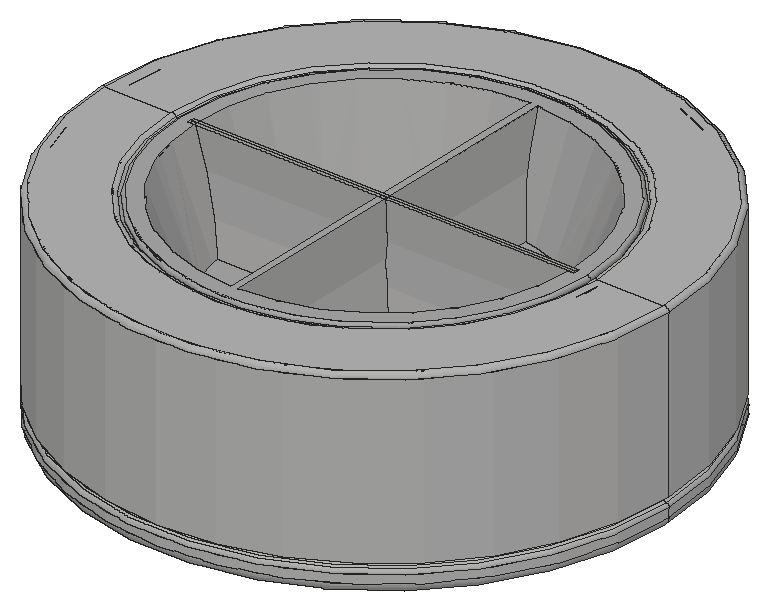
Revit family "CFSCB818EB", category Lighting Fixtures, host Face, Revit 2012
Parameters (values of type "CFSCB818EB")
  Wattage = 13 W
  built-in parameter 1150110 = 1 (stored number, unit not read)
  Voltage = 120 V
  built-in parameter 1114217 = 1 (stored number, unit not read)
  Tilt Angle = -90.00°
  built-in parameter 1150109 = 1 (stored number, unit not read)
  built-in parameter 1150134 = 3
  built-in parameter 1150113 = 1 (stored number, unit not read)
  Photometric Web File = "pl5098x.ies"
  built-in parameter 1150105 = 153.67 (stored number, unit not read)
  Lumens = 1931.05 lm
  built-in parameter 1150115 = 1 (stored number, unit not read)
  built-in parameter 1150137 = (empty or 0)
  built-in parameter 1150139 = (empty or 0)
  Length = 48"
  Wattage Comments = "13W"  # constant formula
  URL = "www.prescolite.com"
  Product Page URL = "http://www.prescolite.com/products/cfscb/"
  Product Documentation Link = "http://www.prescolite.com/content/products/specs/specs_files/lfo_cfl_019.pdf"
  Model = "CFSCB818EB"  # constant formula
  Manufacturer Phone = "(864)-678-1000"  # constant formula
  Manufacturer Fax = "(866)-898-1065"  # constant formula
  Manufacturer = "Prescolite"  # constant formula
  Width = 12"
  built-in parameter 1150112 = 1 (stored number, unit not read)
  built-in parameter 1150114 = 1 (stored number, unit not read)
  Lamp = "TWO"  # constant formula
  Opal lens = Etched Glass
  built-in parameter 1150132 = (empty or 0)
  built-in parameter 1150102 = (empty or 0)
  built-in parameter 1150107 = 3200 (stored number, unit not read)
  built-in parameter 1150138 = (empty or 0)
  built-in parameter 1150106 = 1.5367 (stored number, unit not read)
  Emit from Line Length = 24"
  built-in parameter 1150104 = 13.8 (stored number, unit not read)
  Dimming Lamp Color Temperature Shift = <None>
  Color Filter = 16777215
  Bracket = White
  Description = "SURFACE CROSS BAFFLE DOWNLIGHT."  # constant formula
  Default Elevation = 48"
  Flange = Aluminum
  built-in parameter 1114218 = 1 (stored number, unit not read)
  built-in parameter 1150133 = 10 (stored number, unit not read)
Reference planes (in)
  plane 1 "Center (Front/Back)": y = 13.04941
  plane 2: z = 0
  plane 3 "Center (Left/Right)": x = 0
  plane 4: z = 4.5
  plane 5: x = 5.75
  plane 6: x = 3.875
Forms (in)
  Revolve 1, solid, material "White" <- "Bracket"
    sketch origin (0, 13.04941, 0) x (1, 0, 0) y (0, 0, 1)
      loop
        line (3.75, 0.5) -> (5.55, 0.5)
        arc (5.55, 0.5) -> (5.69142, 0.55858) -> (5.75, 0.7) r 0.2
        line (5.75, 0.7) -> (5.75, 0.86845)
        arc (5.75, 0.86845) -> (5.73785, 0.91809) -> (5.70416, 0.95651) r 0.1075
        line (5.70416, 0.95651) -> (5.65764, 0.98908)
        arc (5.65764, 0.98908) -> (5.62668, 1.02438) -> (5.61552, 1.06999) r 0.09877
        line (5.61552, 1.06999) -> (5.61552, 1.3178) -> (5.49052, 1.3178) -> (5.49052, 1.00291)
        arc (5.49052, 1.00291) -> (5.50125, 0.95908) -> (5.531, 0.92516) r 0.09491
        line (5.531, 0.92516) -> (5.59858, 0.87784)
        arc (5.59858, 0.87784) -> (5.618, 0.8557) -> (5.625, 0.82708) r 0.06196
        line (5.625, 0.82708) -> (5.625, 0.74968)
        arc (5.625, 0.74968) -> (5.58848, 0.66152) -> (5.50032, 0.625) r 0.12468
        line (5.50032, 0.625) -> (3.69822, 0.625) -> (3.19822, 0.125) -> (0, 0.125) -> (0, -1) -> (1.02152, -1)
        arc (1.02152, -1) -> (1.18308, -0.93308) -> (1.25, -0.77152) r 0.22848
        line (1.25, -0.77152) -> (1.25, 0) -> (3.25, 0) -> (3.75, 0.5)
      loop
        line (5.75, 1.07694) -> (5.75, 4.40092)
        arc (5.75, 4.40092) -> (5.72098, 4.47098) -> (5.65092, 4.5) r 0.09908
        line (5.65092, 4.5) -> (4.30618, 4.5)
        arc (4.30618, 4.5) -> (4.25428, 4.48967) -> (4.21027, 4.46027) r 0.13564
        line (4.21027, 4.46027) -> (4.14645, 4.39645)
        arc (4.14645, 4.39645) -> (4.12269, 4.38057) -> (4.09467, 4.375) r 0.07323
        line (4.09467, 4.375) -> (3.875, 4.375) -> (3.875, 4.25) -> (4.14736, 4.25)
        arc (4.14736, 4.25) -> (4.17454, 4.25541) -> (4.19758, 4.2708) r 0.07102
        line (4.19758, 4.2708) -> (4.2697, 4.34292)
        arc (4.2697, 4.34292) -> (4.30523, 4.36666) -> (4.34714, 4.375) r 0.10951
        line (4.34714, 4.375) -> (5.52764, 4.375)
        arc (5.52764, 4.375) -> (5.59648, 4.34648) -> (5.625, 4.27764) r 0.09736
        line (5.625, 4.27764) -> (5.625, 1.07694) -> (5.75, 1.07694)
      axis (0, 4.5) -> (0, -1)
    angle from 0 to 360
  Revolve 2, solid, material "Aluminum" <- "Flange"
    sketch origin (0, 13.04941, 0) x (1, 0, 0) y (0, 0, 1)
      loop
        arc (4.09562, 4.375) -> (4.15812, 4.4375) -> (4.09562, 4.5) r 0.0625
        line (4.09562, 4.5) -> (3.78747, 4.5) -> (3.05953, 2.5) -> (0, 2.5) -> (0, 2.375) -> (3.14706, 2.375) -> (3.875, 4.375) -> (4.09562, 4.375)
      axis (0, 4.5) -> (0, 2.375)
    angle from 0 to 360
  Extrusion 3, solid, material "Aluminum" <- "Flange"
    sketch origin (0, 13.04941, 0) x (1, 0, 0) y (0, 0, 1)
      loop
        line (0.00113, 4.5) -> (-0.06559, 4.5)
        arc (-0.06559, 4.5) -> (-0.17069, 3.41458) -> (-0.5, 2.375) r 5.19665
        line (-0.5, 2.375) -> (0, 2.375) -> (0.5, 2.375)
        arc (0.5, 2.375) -> (0.17069, 3.41458) -> (0.06559, 4.5) r 5.19665
        line (0.06559, 4.5) -> (0.00113, 4.5)
    from -3.94641 to 3.93625
  Extrusion 4, solid, material "Aluminum" <- "Flange"
    sketch origin (-0.07141, 13.05449, 0) x (0, -1, 0) y (0, 0, 1)
      loop
        line (0.00113, 4.5) -> (-0.06559, 4.5)
        arc (-0.06559, 4.5) -> (-0.17069, 3.41458) -> (-0.5, 2.375) r 5.19665
        line (-0.5, 2.375) -> (0, 2.375) -> (0.5, 2.375)
        arc (0.5, 2.375) -> (0.17069, 3.41458) -> (0.06559, 4.5) r 5.19665
        line (0.06559, 4.5) -> (0.00113, 4.5)
    from -3.94641 to 3.8429
Cuts and joins
  joined: Revolve 2, Extrusion 3
Dimensions and locks (in)
  aligned and locked: plane 2 to host face
  aligned and locked: level to host face
  aligned and locked: Revolve 1 sketch curve to plane 6
  aligned and locked: plane 3 "Center (Left/Right)" to Revolve 1 sketch curve
  aligned and locked: Revolve 1 sketch curve to plane 3 "Center (Left/Right)"
  aligned and locked: Revolve 2 sketch curve to Revolve 1
  aligned and locked: Revolve 2 sketch curve to plane 3 "Center (Left/Right)"  (x2)
  aligned and locked: plane 4 to Extrusion 3
  aligned and locked: Extrusion 3 to Revolve 2
  aligned and locked: plane 4 to Extrusion 4
  aligned and locked: Extrusion 4 to cut or joined group of Revolve 2, Extrusion 3
  aligned and locked: plane 4 to imposter light
  aligned and locked: plane 3 "Center (Left/Right)" to imposter light
Connectors (in)
  electrical at (0, 13, 0), driven by "Description", driven by "Voltage"
    settings: index 1, voltage 120 V, apparent load 0 VA, apparent load phase1 0 VA, apparent load phase2 0 VA, apparent load phase3 0 VA, power factor 1, load classification "Other", number of poles 1, system type 31, power factor state 1, is connector primary yes, connector utility no, sub classification motor no, connector description "SURFACE CROSS BAFFLE DOWNLIGHT."
